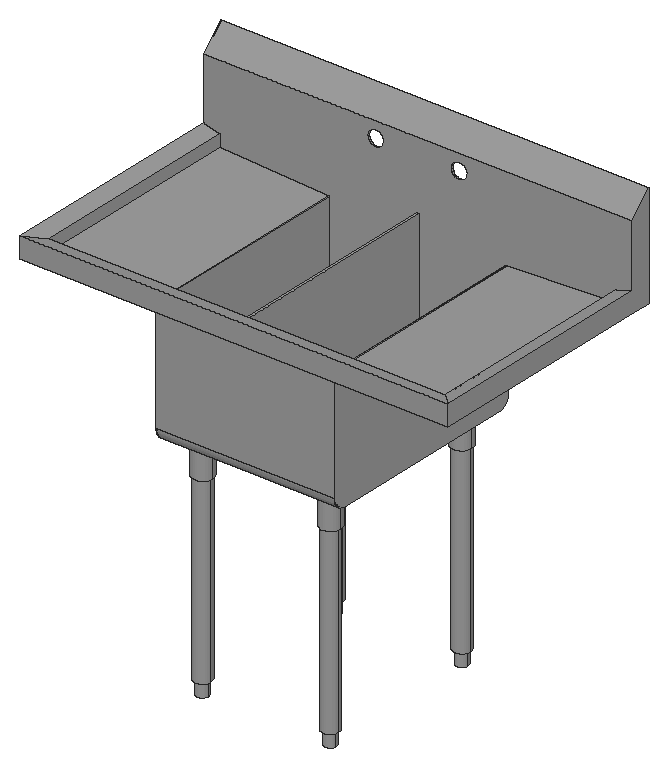
Revit family "equip-sink-elkay-Sturdibilt-DBL-DB-B", category Plumbing Fixtures, Revit 2019
Family settings
  Round Connector Dimension = Use Diameter
  Part Type = Normal
  Work Plane-Based = No
  Always vertical = Yes
  Cut with Voids When Loaded = No
  Shared = No
  Room Calculation Point = No
Parameters (values of type "ByType")
  Width = 2' - 0"
  URL = "http://www.elkayusa.com/cps/rde/xchg/elkay/hs.xsl/Default.aspx"
  Specification URL = "http://www.elkayusa.com/cps/rde/xbcr/elkay/04-03F_STURDIBILT_SCULLERY_DOUBLE.pdf "
  Model Number = " "
  Model = "Sturdibilt"
  Manufacturer = "Elkay Manufacturer"
  Length = 3' - 0"
  Hidden Width = if(Compartment Width > 0' 11", Width, (Backsplash Width + Sink Rim Front Width + Compartment Width))  # 2' - 0"
  Sink Rim Side Right Width = 0' - 1 1/2"  # constant formula
  Sink Material = Metal - Steel - Stainless - Chrome
  Hidden Drainboard Right = if(Drainboard Right > 0' 2", Drainboard Right, 0' 2")  # 1' - 0"
  Hidden Drainboard Left = if(Drainboard Left > 0' 2", Drainboard Left, 0' 2")  # 1' - 0"
  Hidden Compartment Width = Width - Sink Rim Front Width - Backsplash Width  # 1' - 8 1/2"
  Hidden Compartment Length = (Length - Drainboard Left - Drainboard Right) / 2  # 0' - 6"
  Drainboard Left = 1' - 0"
  Sink Rim Side Left Width = 0' - 1 1/2"  # constant formula
  Description = "Sturdibilt Double Compartment Scullery Sinks, drainboard both sides"
  Compartment Length = if(Hidden Compartment Length > 0' 8 1/2", Hidden Compartment Length, 0' 8 1/2")  # 0' - 8 1/2"
  Hidden Length = if(Compartment Length > 0' 8 1/2", Length, (Drainboard Right + Drainboard Left + (Compartment Length * 2)))  # 3' - 5"
  Drainboard Right = 1' - 0"
  Sink Rim Front Width = 0' - 1 1/2"  # constant formula
  Backsplash Width = 0' - 2"  # constant formula
  Sink Drain Location = Compartment Width / 2  # 0' - 10 1/4"
  Compartment Depth = 1' - 2"
  Compartment Width = if(Hidden Compartment Width > 0' 11", Hidden Compartment Width, 0' 11")  # 1' - 8 1/2"
  Rim Height = 3' - 0"
  Hole 1 to 2 = 0' - 8"
  Hole 1 From CL = 0' - 4"
  Faucet CL from Top Backsplash = 0' - 3 1/2"
  Backsplash Height = 0' - 8"
Reference planes (in)
  plane 1 "CL Sink Hole": y = 0
  plane 2 "Bottom": z = 0
  plane 3 "Compartment Center": x = 0
  plane 4 "Basin Edge Left": x = -8.5
  plane 5 "Basin Edge Right": x = 8.5
  plane 6 "Basin Edge Back": y = 10.25
  plane 7 "Basin Edge Front": y = -10.25
  plane 8 "Left": x = -20.5
  plane 9 "Right": x = 20.5
  plane 10 "Back": y = 12.25
  plane 11 "Front": y = -11.75
  plane 12 "Sink Bowl Bottom (Top Face)": z = 22
  plane 13 "Sink Bowl Bottom (Bottom Face)": z = 21.875
  plane 14 "Sink Bottom Piece Back Edge": y = 9.25
  plane 15 "Sink Bottom Piece Front Edge": y = -9.25
  plane 16 "Center (Front/Back)": y = 0
  plane 17 "Sink Rim Top": z = 36
  plane 18 "Sink Bowl Bottom Radius Top Tangent": z = 23
  plane 19 "Sink Rim Inside Lower Edge": z = 35.59808
  plane 20: z = 44
  plane 21 "Backsplash Angle": z = 42
  plane 22 "Backsplash Side Piece Front": y = 10.375
  plane 23 "Backsplash Side Piece Top": z = 43.82322
  plane 24 "Backsplash Side Piece Angle": z = 41.94822
  plane 25 "Backsplash Side Piece Bottom": z = 34
  plane 26 "Backsplash Side Right Piece Inside Edge": x = 20.4375
  plane 27 "Backsplash Side Left Piece Inside Edge": x = -20.4375
  plane 28 "Basin Edge Right Outside Face": x = 8.5625
  plane 29 "Basin Edge Left Outside Face": x = -8.5625
  plane 30 "Faucet Hole CL Elev": z = 40.5
  plane 31 "CL Faucet Hole Left": x = -4
  plane 32 "CL Faucet Hole Right": x = 4
  plane 33 "Leg Left CL": x = -6.125
  plane 34 "Leg Front CL": y = -7.875
  plane 35: z = 18.825
  plane 36: z = 1.3125
  plane 37 "Leg Right CL": x = 6.125
  plane 38 "Leg Back CL": y = 7.875
  plane 39 "Sink Rim Inside Edge Right": x = 19
  plane 40 "Drainboard Lower Top Face": z = 34
  plane 41 "Drainboard Upper Top Face": z = 34.5
  plane 42: x = -19
  plane 43 "Partition Edge Left": x = -0.075
  plane 44 "Partition Edge Right": x = 0.075
  plane 45 "Sink Drain Left CL": x = -4.25
  plane 46 "Sink Drain Right CL": x = 4.25
  plane 47 "Partition Top": z = 35.47
  plane 48 "Center (Left/Right)": x = 0
  plane 49 "Basin Edge Front Outside": y = -10.375
  plane 50 "Basin Edge Back Outside": y = 10.375
Forms (in)
  Sweep 1, solid, material "Metal - Steel - Stainless - Chrome" <- "Sink Material"
    path origin (0, 0, 36) x (0, -1, 0) y (1, 0, 0)
      loop
        line (11.75, 8.5) -> (11.75, -8.5)
    profile "profile-weldbilt-rim : profile-weldbilt-rim" origin (0, -11.75, 36) x (0, -1, 0) y (0, 0, 1)
      loop
        line (-1.5, -0.40192) -> (-1.41389, -0.45164) -> (-0.07031, -0.09163) -> (-0.07031, -1.94605) -> (-0.42259, -2.04044) -> (-0.42259, -2.11323) -> (0, -2) -> (0, 0) -> (-1.5, -0.40192)
  Extrusion 2, solid, material "Metal - Steel - Stainless - Chrome" <- "Sink Material"
    sketch origin (0, 0, 0) x (0, 1, 0) y (0, 0, 1)
      loop
        line (-10.375, 35.59808) -> (-10.375, 23)
        arc (-10.375, 23) -> (-10.0455, 22.2045) -> (-9.25, 21.875) r 1.125
        line (-9.25, 21.875) -> (9.25, 21.875)
        arc (9.25, 21.875) -> (10.0455, 22.2045) -> (10.375, 23) r 1.125
        line (10.375, 23) -> (10.375, 34) -> (10.25, 34) -> (10.25, 23)
        arc (10.25, 23) -> (9.95711, 22.29289) -> (9.25, 22) r 1
        line (9.25, 22) -> (-9.25, 22)
        arc (-9.25, 22) -> (-9.95711, 22.29289) -> (-10.25, 23) r 1
        line (-10.25, 23) -> (-10.25, 35.59808) -> (-10.375, 35.59808)
    from -8.5 to 8.5
  Extrusion 3, solid, material "Metal - Steel - Stainless - Chrome" <- "Sink Material"
    sketch origin (0, 0, 0) x (0, 1, 0) y (0, 0, 1)
      loop
        line (10.25, 42) -> (10.25, 34) -> (10.375, 34) -> (10.375, 41.94822) -> (12.25, 43.82322) -> (12.25, 44) -> (10.25, 42)
    from -20.5 to 20.5
  Extrusion 4, solid, material "Metal - Steel - Stainless - Chrome" <- "Sink Material"
    sketch origin (20.5, 0, 0) x (0, 1, 0) y (0, 0, 1)
      loop
        line (12.25, 43.82322) -> (10.375, 41.94822) -> (10.375, 34) -> (12.25, 34) -> (12.25, 43.82322)
    from -0.0625 to 0
  Extrusion 5, solid, material "Metal - Steel - Stainless - Chrome" <- "Sink Material"
    sketch origin (-18, 0, 0) x (0, 1, 0) y (0, 0, 1)
      loop
        line (12.25, 43.82322) -> (10.375, 41.94822) -> (10.375, 34) -> (12.25, 34) -> (12.25, 43.82322)
    from -2.5 to -2.4375
  Extrusion 6, solid, material "Metal - Steel - Stainless - Chrome" <- "Sink Material"
    sketch origin (8.5, 0, 0) x (0, 1, 0) y (0, 0, 1)
      loop
        line (-10.375, 34) -> (-10.375, 23)
        arc (-10.375, 23) -> (-10.0455, 22.2045) -> (-9.25, 21.875) r 1.125
        line (-9.25, 21.875) -> (9.25, 21.875)
        arc (9.25, 21.875) -> (10.0455, 22.2045) -> (10.375, 23) r 1.125
        line (10.375, 23) -> (10.375, 34) -> (-10.375, 34)
    from 0 to 0.0625
  Extrusion 7, solid, material "Metal - Steel - Stainless - Chrome" <- "Sink Material"
    sketch origin (-8.5, 0, 0) x (0, 1, 0) y (0, 0, 1)
      loop
        line (10.375, 34) -> (-10.375, 34) -> (-10.375, 23)
        arc (-10.375, 23) -> (-10.0455, 22.2045) -> (-9.25, 21.875) r 1.125
        line (-9.25, 21.875) -> (9.25, 21.875)
        arc (9.25, 21.875) -> (10.0455, 22.2045) -> (10.375, 23) r 1.125
        line (10.375, 23) -> (10.375, 34)
    from -0.0625 to 0
  Extrusion 8, void
    sketch origin (0, 0, 0) x (1, 0, 0) y (0, 0, 1)
      loop
        circle (-4, 40.5) r 0.75
    from -10.375 to -10.25
  Extrusion 9, void
    sketch origin (0, 0, 0) x (1, 0, 0) y (0, 0, 1)
      loop
        circle (4, 40.5) r 0.75
    from -10.375 to -10.25
  Extrusion 10, void
    sketch origin (-45.27944, 78.60934, 0) x (1, 0, 0) y (0, 1, 0)
      loop
        circle (41.02944, -78.60934) r 2.375
    from 21.875 to 22
  Revolve 11, solid, material "Metal - Steel - Stainless - Chrome" <- "Sink Material"
    sketch origin (0, -7.875, 0) x (-1, 0, 0) y (0, 0, 1)
      loop
        line (6.9375, 18.825) -> (7.095, 18.825) -> (7.095, 21.875) -> (6.125, 21.875) -> (6.125, 0) -> (6.6875, 0) -> (6.6875, 1.3125) -> (6.9375, 1.3125) -> (6.9375, 18.825)
      axis (6.125, 21.875) -> (6.125, 0)
    angle from 0 to 360
  Revolve 12, solid, material "Metal - Steel - Stainless - Chrome" <- "Sink Material"
    sketch origin (0, -7.875, 0) x (-1, 0, 0) y (0, 0, 1)
      loop
        line (-6.9375, 18.825) -> (-6.9375, 1.3125) -> (-6.6875, 1.3125) -> (-6.6875, 0) -> (-6.125, 0) -> (-6.125, 21.875) -> (-7.095, 21.875) -> (-7.095, 18.825) -> (-6.9375, 18.825)
      axis (-6.125, 21.875) -> (-6.125, 0)
    angle from 0 to 360
  Revolve 13, solid, material "Metal - Steel - Stainless - Chrome" <- "Sink Material"
    sketch origin (0, 7.875, 0) x (-1, 0, 0) y (0, 0, 1)
      loop
        line (-6.9375, 18.825) -> (-6.9375, 1.3125) -> (-6.6875, 1.3125) -> (-6.6875, 0) -> (-6.125, 0) -> (-6.125, 21.875) -> (-7.095, 21.875) -> (-7.095, 18.825) -> (-6.9375, 18.825)
      axis (-6.125, 21.875) -> (-6.125, 0)
    angle from 0 to 360
  Revolve 14, solid, material "Metal - Steel - Stainless - Chrome" <- "Sink Material"
    sketch origin (0, 7.875, 0) x (-1, 0, 0) y (0, 0, 1)
      loop
        line (5.3125, 18.825) -> (5.3125, 1.3125) -> (5.5625, 1.3125) -> (5.5625, 0) -> (6.125, 0) -> (6.125, 21.875) -> (5.155, 21.875) -> (5.155, 18.825) -> (5.3125, 18.825)
      axis (6.125, 21.875) -> (6.125, 0)
    angle from 0 to 360
  Sweep 15, solid, material "Metal - Steel - Stainless - Chrome" <- "Sink Material"
    path origin (0, 0, 22) x (-1, 0, 0) y (0, -1, 0)
      loop
        circle (4.25, 0) r 2.375
    profile "profile-elkay-sink-hole-1 : profile-elkay-sink-hole-1" origin (-4.25, -2.375, 22) x (0, 1, 0) y (0, 0, 1)
      loop
        arc (0.10775, -0.05529) -> (0.06053, -0.01467) -> (0, 0) r 0.133
        line (0, 0) -> (0, -0.07422)
        arc (0, -0.07422) -> (0.0267, -0.08072) -> (0.04752, -0.09865) r 0.05878
        line (0.04752, -0.09865) -> (0.12152, -0.20143) -> (0.5715, -0.40832) -> (0.5715, -0.32577) -> (0.16939, -0.14089) -> (0.10775, -0.05529)
  Extrusion 16, solid, material "Metal - Steel - Stainless - Chrome" <- "Sink Material"
    sketch origin (0, 0, 0) x (1, 0, 0) y (0, 0, 1)
      loop
        line (8.5, 34) -> (8.5, 33.9257) -> (19, 34.4257) -> (19, 34.5) -> (8.5, 34)
    from -10.25 to 10.25
  Sweep 17, solid, material "Metal - Steel - Stainless - Chrome" <- "Sink Material"
    path origin (0, 0, 36) x (0, -1, 0) y (1, 0, 0)
      loop
        line (11.75, 8.5) -> (11.75, 20.5) -> (-10.25, 20.5)
    profile "profile-weldbilt-rim-db : profile-weldbilt-rim-db" origin (14.5, -11.75, 36) x (0, 1, 0) y (0, 0, 1)
      loop
        line (1.5, -0.40192) -> (0, 0) -> (0, -2) -> (0.42259, -2.11323) -> (0.42259, -2.04044) -> (0.07031, -1.94605) -> (0.07031, -0.09163) -> (1.4375, -0.45797) -> (1.4375, -2) -> (1.5, -2) -> (1.5, -0.40192)
  Extrusion 18, solid, material "Metal - Steel - Stainless - Chrome" <- "Sink Material"
    sketch origin (0, 0, 0) x (1, 0, 0) y (0, 0, 1)
      loop
        line (-19, 34.5) -> (-19, 34.4257) -> (-8.5, 33.9257) -> (-8.5, 34) -> (-19, 34.5)
    from -10.25 to 10.25
  Sweep 19, solid, material "Metal - Steel - Stainless - Chrome" <- "Sink Material"
    path origin (0, 0, 36) x (0, -1, 0) y (1, 0, 0)
      loop
        line (-10.25, -20.5) -> (11.75, -20.5) -> (11.75, -8.5)
    profile "profile-weldbilt-rim-db : profile-weldbilt-rim-db" origin (-20.5, -0.75, 36) x (1, 0, 0) y (0, 0, 1)
      loop
        line (1.5, -0.40192) -> (0, 0) -> (0, -2) -> (0.42259, -2.11323) -> (0.42259, -2.04044) -> (0.07031, -1.94605) -> (0.07031, -0.09163) -> (1.4375, -0.45797) -> (1.4375, -2) -> (1.5, -2) -> (1.5, -0.40192)
  Extrusion 20, void
    sketch origin (0, 0, 0) x (1, 0, 0) y (0, 1, 0)
      loop
        circle (4.25, 0) r 2.375
    from 21.875 to 22
  Sweep 21, solid, material "Metal - Steel - Stainless - Chrome" <- "Sink Material"
    path origin (0, 0, 22) x (-1, 0, 0) y (0, -1, 0)
      loop
        circle (-4.25, 0) r 2.375
    profile "profile-elkay-sink-hole-1 : profile-elkay-sink-hole-1" origin (4.25, -2.375, 22) x (0, 1, 0) y (0, 0, 1)
      loop
        arc (0.10775, -0.05529) -> (0.06053, -0.01467) -> (0, 0) r 0.133
        line (0, 0) -> (0, -0.07422)
        arc (0, -0.07422) -> (0.0267, -0.08072) -> (0.04752, -0.09865) r 0.05878
        line (0.04752, -0.09865) -> (0.12152, -0.20143) -> (0.5715, -0.40832) -> (0.5715, -0.32577) -> (0.16939, -0.14089) -> (0.10775, -0.05529)
  Extrusion 22, solid, material "Metal - Steel - Stainless - Chrome" <- "Sink Material"
    sketch origin (0, 0, 0) x (0, 1, 0) y (0, 0, 1)
      loop
        line (-10.25, 35.47) -> (-10.25, 23)
        arc (-10.25, 23) -> (-9.95711, 22.29289) -> (-9.25, 22) r 1
        line (-9.25, 22) -> (9.25, 22)
        arc (9.25, 22) -> (9.95711, 22.29289) -> (10.25, 23) r 1
        line (10.25, 23) -> (10.25, 35.47) -> (-10.25, 35.47)
    from -0.075 to 0.075
Cuts and joins
  Extrusion 10, Extrusion 20 cuts Extrusion 2
  Extrusion 8, Extrusion 9 cuts Extrusion 3
  Extrusion 10 cuts Extrusion 6
  joined: Sweep 1, Extrusion 2, Extrusion 3, Extrusion 4, Extrusion 5, Extrusion 6, Extrusion 7, Sweep 15, Sweep 17, Sweep 19, Sweep 21
Lines and regions (in)
  Masking region 1
    outline origin (0, 0, 0) x (1, 0, 0) y (0, 1, 0)
      loop
        line (-20.5, 12.25) -> (-20.5, -11.75) -> (20.5, -11.75) -> (20.5, 12.25) -> (-20.5, 12.25)
  reference lines
    curve 1: arc (0, -9.25, 22) -> (0, -9.95711, 22.29289) -> (0, -10.25, 23) r 1
    curve 2: arc (0, 10.25, 23) -> (0, 9.95711, 22.29289) -> (0, 9.25, 22) r 1
    curve 3: line (-6.125, -7.875, 21.875) -> (-6.125, -7.875, 0)
    curve 4: line (6.125, -7.875, 22) -> (6.125, -7.875, 0)
    curve 5: line (6.125, 7.875, 21.875) -> (6.125, 7.875, 0)
    curve 6: line (-6.125, 7.875, 21.875) -> (-6.125, 7.875, 0)
    curve 13: line (8.5, 0, 34) -> (19, 0, 34.5)
    curve 14: line (8.50165, 0, 33.92578) -> (19.00165, 0, 34.42578)
    curve 15: line (-8.5, 0, 34) -> (-19, 0, 34.5)
    curve 16: line (-8.50165, 0, 33.92578) -> (-19.00165, 0, 34.42578)
    curve 26: arc (0, -10.375, 23) -> (0, -10.0455, 22.2045) -> (0, -9.25, 21.875) r 1.125
    curve 27: arc (0, 10.375, 23) -> (0, 10.0455, 22.2045) -> (0, 9.25, 21.875) r 1.125
  symbolic lines
    curve 7: line (-20.5, 10.25, 0) -> (20.5, 10.25, 0)
    curve 8: line (-8.5, -10.25, 0) -> (-8.5, 10.25, 0)
    curve 9: line (19, -10.25, 0) -> (-19, -10.25, 0)
    curve 10: line (8.5, 10.25, 0) -> (8.5, -10.25, 0)
    curve 11: line (-19, -10.25, 0) -> (-20.5, -11.75, 0)
    curve 12: line (20.5, -11.75, 0) -> (19, -10.25, 0)
    curve 17: line (-19, 10.25, 0) -> (-19, -10.25, 0)
    curve 18: line (19, 10.25, 0) -> (19, -10.25, 0)
    curve 19: circle (-4.25, 0, 0) r 2.375 normal (0, 0, 1)
    curve 20: circle (-4.25, 0, 0) r 1.75 normal (0, 0, 1)
    curve 21: circle (4.25, 0, 0) r 2.375 normal (0, 0, 1)
    curve 22: circle (4.25, 0, 0) r 1.75 normal (0, 0, 1)
    curve 23: line (-0.075, -10.25, 0) -> (-0.075, 10.25, 0)
    curve 24: line (0.075, 10.25, 0) -> (0.075, -10.25, 0)
    curve 25: line (0, 12.25, 44) -> (0, 10.25, 42)
Dimensions and locks (in)
  equal spacing: plane 4 "Basin Edge Left", plane 3 "Compartment Center", plane 5 "Basin Edge Right"
  "Hidden Drainboard Left": plane 8 "Left" to plane 4 "Basin Edge Left"
  "Hidden Drainboard Right": plane 5 "Basin Edge Right" to plane 9 "Right"
  "Hidden Length": plane 8 "Left" to plane 9 "Right"
  "Sink Drain Location": plane 6 "Basin Edge Back" to plane 1 "CL Sink Hole"
  "Backsplash Width": plane 10 "Back" to plane 6 "Basin Edge Back"
  "Sink Rim Front Width": plane 7 "Basin Edge Front" to plane 11 "Front"
  "Hidden Width": plane 10 "Back" to plane 11 "Front"
  locked: plane 15 "Sink Bottom Piece Front Edge" to plane 7 "Basin Edge Front" at 1
  locked: plane 6 "Basin Edge Back" to plane 14 "Sink Bottom Piece Back Edge" at 1
  plane 6 "Basin Edge Back" to plane 7 "Basin Edge Front" = 1' - 8 1/2"
  equal spacing: plane 6 "Basin Edge Back", plane 16 "Center (Front/Back)", plane 7 "Basin Edge Front"
  "Compartment Depth": plane 17 "Sink Rim Top" to plane 12 "Sink Bowl Bottom (Top Face)"
  "Rim Height": plane 17 "Sink Rim Top" to plane 2 "Bottom"
  locked: plane 18 "Sink Bowl Bottom Radius Top Tangent" to plane 12 "Sink Bowl Bottom (Top Face)" at 1
  locked: plane 17 "Sink Rim Top" to plane 19 "Sink Rim Inside Lower Edge" at 0.40192
  "Backsplash Height": plane 20 to plane 17 "Sink Rim Top"
  locked: plane 20 to plane 21 "Backsplash Angle" at 2
  locked: plane 20 to plane 23 "Backsplash Side Piece Top" at 0.17678
  locked: plane 6 "Basin Edge Back" to plane 22 "Backsplash Side Piece Front" at 0.125
  locked: plane 21 "Backsplash Angle" to plane 24 "Backsplash Side Piece Angle" at 0.05178
  locked: plane 26 "Backsplash Side Right Piece Inside Edge" to plane 9 "Right" at 0.0625
  locked: plane 8 "Left" to plane 27 "Backsplash Side Left Piece Inside Edge" at 0.0625
  locked: plane 5 "Basin Edge Right" to plane 28 "Basin Edge Right Outside Face" at 0.0625
  plane 29 "Basin Edge Left Outside Face" to plane 4 "Basin Edge Left" = 0' - 0 1/16"
  locked: plane 17 "Sink Rim Top" to plane 25 "Backsplash Side Piece Bottom" at 2
  locked: plane 34 "Leg Front CL" to plane 7 "Basin Edge Front" at 2.375
  locked: plane 4 "Basin Edge Left" to plane 33 "Leg Left CL" at 2.375
  "Hole 1 From CL": plane 31 "CL Faucet Hole Left" to plane 3 "Compartment Center"
  "Hole 1 to 2": plane 31 "CL Faucet Hole Left" to plane 32 "CL Faucet Hole Right"
  locked: plane 12 "Sink Bowl Bottom (Top Face)" to plane 13 "Sink Bowl Bottom (Bottom Face)" at 0.125
  locked: plane 12 "Sink Bowl Bottom (Top Face)" to plane 35 at 3.175
  locked: plane 36 to plane 2 "Bottom" at 1.3125
  "Faucet CL from Top Backsplash": plane 20 to plane 30 "Faucet Hole CL Elev"
  locked: plane 37 "Leg Right CL" to plane 5 "Basin Edge Right" at 2.375
  locked: plane 6 "Basin Edge Back" to plane 38 "Leg Back CL" at 2.375
  "Sink Rim Side Right Width": plane 39 "Sink Rim Inside Edge Right" to plane 9 "Right"
  locked: plane 17 "Sink Rim Top" to plane 41 "Drainboard Upper Top Face" at 1.5
  locked: plane 17 "Sink Rim Top" to plane 40 "Drainboard Lower Top Face" at 2
  "Sink Rim Side Left Width": plane 8 "Left" to plane 42
  equal spacing: plane 43 "Partition Edge Left", plane 3 "Compartment Center", plane 44 "Partition Edge Right"
  locked: plane 43 "Partition Edge Left" to plane 44 "Partition Edge Right" at 0.15
  equal spacing: plane 4 "Basin Edge Left", plane 45 "Sink Drain Left CL", plane 3 "Compartment Center"
  equal spacing: plane 3 "Compartment Center", plane 46 "Sink Drain Right CL", plane 5 "Basin Edge Right"
  locked: plane 17 "Sink Rim Top" to plane 47 "Partition Top" at 0.53
  equal spacing: plane 8 "Left", plane 48 "Center (Left/Right)", plane 9 "Right"
  locked: plane 49 "Basin Edge Front Outside" to plane 7 "Basin Edge Front" at 0.125
  locked: plane 6 "Basin Edge Back" to plane 50 "Basin Edge Back Outside" at 0.125
  locked: nested 1 to plane 9 "Right" at 4
  locked: plane 10 "Back" to nested 1 at 1
  aligned and locked: Extrusion 2 sketch curve to plane 6 "Basin Edge Back"
  aligned and locked: Extrusion 2 sketch curve to curve 2
  aligned and locked: Extrusion 2 sketch curve to curve 1
  aligned and locked: plane 5 "Basin Edge Right" to Extrusion 2
  aligned and locked: Extrusion 2 to plane 4 "Basin Edge Left"
  aligned and locked: Extrusion 2 sketch curve to plane 19 "Sink Rim Inside Lower Edge"
  aligned and locked: Extrusion 3 sketch curve to plane 10 "Back"
  aligned and locked: Extrusion 3 sketch curve to plane 6 "Basin Edge Back"
  aligned and locked: plane 9 "Right" to Extrusion 3
  aligned and locked: Extrusion 3 to plane 8 "Left"
  aligned and locked: plane 10 "Back" to Extrusion 4 sketch curve
  aligned and locked: Extrusion 4 sketch curve to plane 25 "Backsplash Side Piece Bottom"
  aligned and locked: Extrusion 4 sketch curve to plane 22 "Backsplash Side Piece Front"
  aligned and locked: Extrusion 4 to plane 26 "Backsplash Side Right Piece Inside Edge"
  aligned and locked: plane 9 "Right" to Extrusion 4
  aligned and locked: Extrusion 5 sketch curve to plane 10 "Back"
  aligned and locked: plane 22 "Backsplash Side Piece Front" to Extrusion 5 sketch curve
  aligned and locked: plane 25 "Backsplash Side Piece Bottom" to Extrusion 5 sketch curve
  aligned and locked: plane 27 "Backsplash Side Left Piece Inside Edge" to Extrusion 5
  aligned and locked: Extrusion 5 to plane 8 "Left"
  aligned and locked: Extrusion 6 to plane 5 "Basin Edge Right"
  aligned and locked: plane 28 "Basin Edge Right Outside Face" to Extrusion 6
  aligned and locked: Extrusion 7 to plane 29 "Basin Edge Left Outside Face"
  aligned and locked: plane 4 "Basin Edge Left" to Extrusion 7
  aligned and locked: plane 22 "Backsplash Side Piece Front" to Extrusion 9
  aligned and locked: Extrusion 9 to plane 6 "Basin Edge Back"
  aligned and locked: plane 22 "Backsplash Side Piece Front" to Extrusion 8
  aligned: Extrusion 8 to plane 14 "Sink Bottom Piece Back Edge"
  aligned and locked: Extrusion 8 to plane 6 "Basin Edge Back"
  aligned and locked: plane 12 "Sink Bowl Bottom (Top Face)" to Extrusion 10
  aligned and locked: Extrusion 10 to plane 13 "Sink Bowl Bottom (Bottom Face)"
  aligned and locked: Revolve 11 sketch curve to plane 13 "Sink Bowl Bottom (Bottom Face)"
  aligned and locked: Revolve 11 sketch curve to curve 3
  aligned and locked: curve 4 to plane 37 "Leg Right CL"
  aligned and locked: plane 12 "Sink Bowl Bottom (Top Face)" to curve 4
  aligned and locked: plane 2 "Bottom" to curve 4
  aligned and locked: Revolve 12 sketch curve to plane 36
  aligned and locked: Revolve 12 sketch curve to plane 35
  aligned and locked: plane 2 "Bottom" to Revolve 12 sketch curve  (x3)
  aligned and locked: plane 13 "Sink Bowl Bottom (Bottom Face)" to Revolve 12 sketch curve  (x2)
  aligned and locked: curve 4 to Revolve 12 sketch curve  (x2)
  aligned and locked: Revolve 13 sketch curve to plane 2 "Bottom"
  aligned and locked: plane 36 to Revolve 13 sketch curve
  aligned and locked: plane 35 to Revolve 13 sketch curve
  aligned and locked: Revolve 13 sketch curve to plane 13 "Sink Bowl Bottom (Bottom Face)"
  aligned and locked: plane 37 "Leg Right CL" to Revolve 13 sketch curve
  aligned and locked: Revolve 13 sketch curve to curve 5
  aligned and locked: Revolve 14 sketch curve to plane 2 "Bottom"
  aligned and locked: plane 36 to Revolve 14 sketch curve
  aligned and locked: plane 35 to Revolve 14 sketch curve
  aligned and locked: Revolve 14 sketch curve to plane 13 "Sink Bowl Bottom (Bottom Face)"
  aligned and locked: plane 33 "Leg Left CL" to Revolve 14 sketch curve
  aligned and locked: plane 2 "Bottom" to Revolve 14 sketch curve
  aligned and locked: Revolve 14 sketch curve to plane 33 "Leg Left CL"
  aligned and locked: Masking region 1 sketch curve to plane 10 "Back"
  aligned and locked: plane 8 "Left" to Masking region 1 sketch curve
  aligned and locked: Masking region 1 sketch curve to plane 9 "Right"
  aligned and locked: plane 11 "Front" to Masking region 1 sketch curve
  aligned and locked: plane 7 "Basin Edge Front" to curve 9
  aligned and locked: plane 4 "Basin Edge Left" to curve 8
  aligned and locked: curve 7 to plane 6 "Basin Edge Back"
  aligned and locked: plane 8 "Left" to curve 7
  aligned and locked: plane 9 "Right" to curve 7
  aligned and locked: Extrusion 6 sketch curve to plane 40 "Drainboard Lower Top Face"
  aligned and locked: Extrusion 16 sketch curve to curve 13
  aligned and locked: plane 5 "Basin Edge Right" to Extrusion 16 sketch curve
  aligned and locked: Extrusion 16 sketch curve to plane 39 "Sink Rim Inside Edge Right"
  aligned and locked: Extrusion 16 sketch curve to curve 14
  aligned and locked: plane 6 "Basin Edge Back" to Extrusion 16
  aligned and locked: Extrusion 16 to plane 7 "Basin Edge Front"
  aligned and locked: Extrusion 2 sketch curve to plane 40 "Drainboard Lower Top Face"
  aligned and locked: Extrusion 3 sketch curve to plane 40 "Drainboard Lower Top Face"
  aligned and locked: plane 5 "Basin Edge Right" to Sweep 1 sketch curve
  aligned and locked: Sweep 17 sketch curve to plane 11 "Front"
  aligned and locked: plane 9 "Right" to Sweep 17 sketch curve
  aligned and locked: plane 5 "Basin Edge Right" to Sweep 17 sketch curve
  aligned and locked: plane 6 "Basin Edge Back" to Sweep 17 sketch curve
  aligned and locked: Extrusion 7 sketch curve to plane 40 "Drainboard Lower Top Face"
  aligned and locked: plane 42 to Extrusion 18 sketch curve
  aligned and locked: Extrusion 18 sketch curve to plane 4 "Basin Edge Left"
  aligned and locked: Extrusion 18 sketch curve to curve 15
  aligned and locked: Extrusion 18 sketch curve to curve 16
  aligned and locked: plane 6 "Basin Edge Back" to Extrusion 18
  aligned and locked: Extrusion 18 to plane 7 "Basin Edge Front"
  aligned and locked: plane 4 "Basin Edge Left" to Sweep 1 sketch curve
  aligned and locked: Sweep 19 sketch curve to plane 11 "Front"
  aligned and locked: Sweep 19 sketch curve to plane 8 "Left"
  aligned and locked: plane 6 "Basin Edge Back" to Sweep 19 sketch curve
  aligned and locked: plane 4 "Basin Edge Left" to Sweep 19 sketch curve
  aligned and locked: plane 12 "Sink Bowl Bottom (Top Face)" to Extrusion 20
  aligned and locked: Extrusion 20 to plane 13 "Sink Bowl Bottom (Bottom Face)"
  aligned and locked: Extrusion 22 sketch curve to plane 47 "Partition Top"
  aligned and locked: Extrusion 22 sketch curve to plane 6 "Basin Edge Back"
  aligned and locked: Extrusion 22 sketch curve to curve 1
  aligned and locked: Extrusion 22 sketch curve to curve 2
  aligned and locked: Extrusion 22 to plane 43 "Partition Edge Left"
  aligned and locked: plane 44 "Partition Edge Right" to Extrusion 22
  aligned and locked: Extrusion 6 sketch curve to plane 50 "Basin Edge Back Outside"
  aligned and locked: Extrusion 6 sketch curve to plane 49 "Basin Edge Front Outside"
  aligned and locked: Extrusion 6 sketch curve to curve 26
  aligned and locked: Extrusion 6 sketch curve to curve 27
  aligned and locked: Extrusion 7 sketch curve to plane 49 "Basin Edge Front Outside"
  aligned and locked: Extrusion 7 sketch curve to plane 50 "Basin Edge Back Outside"
  aligned and locked: Extrusion 7 sketch curve to curve 27
  aligned and locked: Extrusion 7 sketch curve to curve 26
Automatic sketch dimensions
  Extrusion 2 sketch curve to Extrusion 2 sketch curve = 0' - 0"  (x4)
  Extrusion 2 sketch curve to plane 22 "Backsplash Side Piece Front" = 0' - 0"
  Extrusion 3 sketch curve to plane 22 "Backsplash Side Piece Front" = 0' - 0"
  Extrusion 3 sketch curve to plane 24 "Backsplash Side Piece Angle" = 0' - 0"
  Extrusion 3 sketch curve to plane 21 "Backsplash Angle" = 0' - 0"
  Extrusion 3 sketch curve to plane 23 "Backsplash Side Piece Top" = 0' - 0"
  Extrusion 3 sketch curve to plane 20 = 0' - 0"
  Extrusion 4 sketch curve to plane 24 "Backsplash Side Piece Angle" = 0' - 0"
  Extrusion 4 sketch curve to plane 23 "Backsplash Side Piece Top" = 0' - 0"
  Extrusion 5 sketch curve to plane 24 "Backsplash Side Piece Angle" = 0' - 0"
  Extrusion 5 sketch curve to plane 23 "Backsplash Side Piece Top" = 0' - 0"
  Extrusion 8 sketch curve to plane 30 "Faucet Hole CL Elev" = 0' - 0"
  Extrusion 8 sketch curve to plane 31 "CL Faucet Hole Left" = 0' - 0"
  Extrusion 9 sketch curve to plane 30 "Faucet Hole CL Elev" = 0' - 0"
  Extrusion 9 sketch curve to plane 32 "CL Faucet Hole Right" = 0' - 0"
  curve 3 to level = 0' - 0"
  curve 3 to plane 33 "Leg Left CL" = 0' - 0"
  curve 3 to plane 13 "Sink Bowl Bottom (Bottom Face)" = 0' - 0"
  Revolve 11 sketch curve to plane 33 "Leg Left CL" = 0' - 0"
  Revolve 11 sketch curve to level = 0' - 0"  (x2)
  Revolve 11 sketch curve to plane 36 = 0' - 0"
  Revolve 11 sketch curve to plane 35 = 0' - 0"
  Revolve 11 sketch curve to plane 13 "Sink Bowl Bottom (Bottom Face)" = 0' - 0"
  Revolve 11 sketch curve to Revolve 11 sketch curve = 0' - 0 9/16"
  Revolve 11 sketch curve to Revolve 11 sketch curve = 0' - 0 1/4"
  Revolve 11 sketch curve to Revolve 11 sketch curve = 0' - 0.1575"
  plane 37 "Leg Right CL" to Revolve 12 sketch curve = 0' - 0 9/16"
  plane 37 "Leg Right CL" to Revolve 12 sketch curve = 0' - 0 13/16"
  Revolve 12 sketch curve to Revolve 12 sketch curve = 0' - 0.1575"
  curve 5 to level = 0' - 0"
  curve 5 to plane 37 "Leg Right CL" = 0' - 0"
  curve 5 to plane 13 "Sink Bowl Bottom (Bottom Face)" = 0' - 0"
  Revolve 13 sketch curve to level = 0' - 0"
  Revolve 13 sketch curve to plane 13 "Sink Bowl Bottom (Bottom Face)" = 0' - 0"
  plane 37 "Leg Right CL" to Revolve 13 sketch curve = 0' - 0 9/16"
  Revolve 13 sketch curve to Revolve 13 sketch curve = 0' - 0 1/4"
  Revolve 13 sketch curve to Revolve 13 sketch curve = 0' - 0.97"
  Revolve 14 sketch curve to plane 13 "Sink Bowl Bottom (Bottom Face)" = 0' - 0"
  plane 33 "Leg Left CL" to Revolve 14 sketch curve = 0' - 0 9/16"
  Revolve 14 sketch curve to Revolve 14 sketch curve = 0' - 0 1/4"
  Revolve 14 sketch curve to Revolve 14 sketch curve = 0' - 0.97"
  curve 6 to level = 0' - 0"
  curve 6 to plane 33 "Leg Left CL" = 0' - 0"
  curve 6 to plane 13 "Sink Bowl Bottom (Bottom Face)" = 0' - 0"
  curve 13 to plane 39 "Sink Rim Inside Edge Right" = 0' - 0"
  curve 13 to plane 5 "Basin Edge Right" = 0' - 0"
  curve 13 to plane 25 "Backsplash Side Piece Bottom" = 0' - 0"
  curve 13 to plane 41 "Drainboard Upper Top Face" = 0' - 0"
  plane 39 "Sink Rim Inside Edge Right" to curve 14 = 0' - 0.00165"
  plane 5 "Basin Edge Right" to curve 14 = 0' - 0.00165"
  Sweep 1 sketch curve to plane 11 "Front" = 0' - 0"
  curve 15 to plane 4 "Basin Edge Left" = 0' - 0"
  curve 15 to plane 41 "Drainboard Upper Top Face" = 0' - 0"
  curve 15 to plane 42 = 0' - 0"
  curve 15 to plane 25 "Backsplash Side Piece Bottom" = 0' - 0"
  curve 16 to plane 4 "Basin Edge Left" = 0' - 0.00165"
  curve 16 to plane 42 = 0' - 0.00165"
  plane 1 "CL Sink Hole" to Sweep 15 sketch curve = 0' - 0"
  Sweep 15 sketch curve to plane 45 "Sink Drain Left CL" = 0' - 0"
  plane 1 "CL Sink Hole" to Extrusion 10 sketch curve = 0' - 0"
  Extrusion 10 sketch curve to plane 45 "Sink Drain Left CL" = 0' - 0"
  plane 1 "CL Sink Hole" to Extrusion 20 sketch curve = 0' - 0"
  Extrusion 20 sketch curve to plane 46 "Sink Drain Right CL" = 0' - 0"
  plane 1 "CL Sink Hole" to Sweep 21 sketch curve = 0' - 0"
  Sweep 21 sketch curve to plane 46 "Sink Drain Right CL" = 0' - 0"
  curve 19 to curve 20 = 0' - 0"  (x2)
  curve 21 to curve 22 = 0' - 0"  (x2)
  curve 11 to plane 8 "Left" = 0' - 0"
  curve 17 to plane 42 = 0' - 0"
  plane 1 "CL Sink Hole" to curve 20 = 0' - 0"
  curve 20 to plane 45 "Sink Drain Left CL" = 0' - 0"
  curve 23 to plane 43 "Partition Edge Left" = 0' - 0"
  curve 24 to plane 44 "Partition Edge Right" = 0' - 0"
  plane 1 "CL Sink Hole" to curve 21 = 0' - 0"
  curve 21 to plane 46 "Sink Drain Right CL" = 0' - 0"
  curve 10 to plane 5 "Basin Edge Right" = 0' - 0"
  curve 18 to plane 39 "Sink Rim Inside Edge Right" = 0' - 0"
  curve 12 to plane 9 "Right" = 0' - 0"
  curve 12 to plane 11 "Front" = 0' - 0"
  curve 11 to plane 11 "Front" = 0' - 0"
  curve 25 to plane 6 "Basin Edge Back" = 0' - 0"
  curve 25 to plane 10 "Back" = 0' - 0"
  curve 25 to plane 21 "Backsplash Angle" = 0' - 0"
  curve 25 to plane 20 = 0' - 0"
  curve 1 to curve 26 = 0' - 0"  (x2)
  curve 2 to curve 27 = 0' - 0"  (x2)
  curve 26 to plane 18 "Sink Bowl Bottom Radius Top Tangent" = 0' - 0"
  curve 26 to plane 49 "Basin Edge Front Outside" = 0' - 0"
  curve 1 to plane 7 "Basin Edge Front" = 0' - 0"
  curve 26 to plane 13 "Sink Bowl Bottom (Bottom Face)" = 0' - 0"
  curve 27 to plane 13 "Sink Bowl Bottom (Bottom Face)" = 0' - 0"
  curve 27 to plane 14 "Sink Bottom Piece Back Edge" = 0' - 0"
  curve 2 to plane 6 "Basin Edge Back" = 0' - 0"
  curve 27 to plane 18 "Sink Bowl Bottom Radius Top Tangent" = 0' - 0"
  curve 14 to plane 25 "Backsplash Side Piece Bottom" = 0' - 0 19/256"
  curve 14 to plane 41 "Drainboard Upper Top Face" = 0' - 0 19/256"
  curve 16 to plane 25 "Backsplash Side Piece Bottom" = 0' - 0 19/256"
  curve 16 to plane 41 "Drainboard Upper Top Face" = 0' - 0 19/256"
  radius of Extrusion 8 sketch curve = 0' - 0 3/4"
  radius of Extrusion 9 sketch curve = 0' - 0 3/4"
  radius of Sweep 15 sketch curve = 0' - 2 3/8"
  radius of Extrusion 10 sketch curve = 0' - 2 3/8"
  radius of Extrusion 20 sketch curve = 0' - 2 3/8"
  radius of Sweep 21 sketch curve = 0' - 2 3/8"
  radius of curve 19 = 0' - 2 3/8"
  radius of curve 20 = 0' - 1 3/4"
  radius of curve 21 = 0' - 2 3/8"
  radius of curve 22 = 0' - 1 3/4"
Nested families (in)
  nested 1: "logo-elkay-detail" at (16.5, 11.25, 0), type "logo-elkay-detail"
Definition of nested family "logo-elkay-detail"
  Reference planes (in)
    plane 1 "Center (Front/Back)": y = 0
    plane 2: z = 0
    plane 3 "Center (Left/Right)": x = 0
  Lines and regions (in)
    detail lines, in view "Ref. Level"
      curve 1: line (-1.81545, 0.37736, 0) -> (-2.86608, 0.37736, 0)
      curve 2: line (-2.86608, 0.37736, 0) -> (-2.99916, -0.37736, 0)
      curve 3: line (-2.99916, -0.37736, 0) -> (-1.89769, -0.37736, 0)
      curve 4: line (-1.89769, -0.37736, 0) -> (-1.87836, -0.26772, 0)
      curve 5: line (-1.87836, -0.26772, 0) -> (-2.75664, -0.26772, 0)
      curve 6: line (-2.75664, -0.26772, 0) -> (-2.71915, -0.05507, 0)
      curve 7: line (-2.71915, -0.05507, 0) -> (-1.94254, -0.05507, 0)
      curve 8: line (-1.94254, -0.05507, 0) -> (-1.92312, 0.05507, 0)
      curve 9: line (-1.92312, 0.05507, 0) -> (-2.71407, 0.05507, 0)
      curve 10: line (-2.71407, 0.05507, 0) -> (-2.67657, 0.26772, 0)
      curve 11: line (-2.67657, 0.26772, 0) -> (-1.83479, 0.26772, 0)
      curve 12: line (-1.83479, 0.26772, 0) -> (-1.81545, 0.37736, 0)
      curve 13: line (-1.55864, -0.26772, 0) -> (-1.44489, 0.37736, 0)
      curve 14: line (-1.44489, 0.37736, 0) -> (-1.65384, 0.37736, 0)
      curve 15: line (-1.65384, 0.37736, 0) -> (-1.78692, -0.37736, 0)
      curve 16: line (-1.78692, -0.37736, 0) -> (-0.81843, -0.37736, 0)
      curve 17: line (-0.81843, -0.37736, 0) -> (-0.7991, -0.26772, 0)
      curve 18: line (-0.7991, -0.26772, 0) -> (-1.55864, -0.26772, 0)
      curve 19: line (-0.70839, -0.37736, 0) -> (-0.57531, 0.37736, 0)
      curve 20: line (-0.57531, 0.37736, 0) -> (-0.36636, 0.37736, 0)
      curve 21: line (-0.36636, 0.37736, 0) -> (-0.44053, -0.04327, 0)
      curve 22: line (-0.44053, -0.04327, 0) -> (0.30095, 0.37736, 0)
      curve 23: line (0.30095, 0.37736, 0) -> (0.59826, 0.37736, 0)
      curve 24: line (0.59826, 0.37736, 0) -> (0.025, 0.05216, 0)
      curve 25: line (0.025, 0.05216, 0) -> (0.49251, -0.37736, 0)
      curve 26: line (0.49251, -0.37736, 0) -> (0.1672, -0.37736, 0)
      curve 27: line (0.1672, -0.37736, 0) -> (-0.17613, -0.06193, 0)
      curve 28: line (-0.17613, -0.06193, 0) -> (-0.47357, -0.23067, 0)
      curve 29: line (-0.47357, -0.23067, 0) -> (-0.49944, -0.37736, 0)
      curve 30: line (-0.49944, -0.37736, 0) -> (-0.70839, -0.37736, 0)
      curve 31: line (1.55597, -0.12503, 0) -> (1.3377, 0.32386, 0)
      curve 32: line (1.3377, 0.32386, 0) -> (0.94493, -0.12503, 0)
      curve 33: line (0.94493, -0.12503, 0) -> (1.55597, -0.12503, 0)
      curve 34: line (1.55608, 0.37736, 0) -> (1.92307, -0.37736, 0)
      curve 35: line (1.92307, -0.37736, 0) -> (1.67867, -0.37736, 0)
      curve 36: line (1.67867, -0.37736, 0) -> (1.60734, -0.23067, 0)
      curve 37: line (1.60734, -0.23067, 0) -> (0.8525, -0.23067, 0)
      curve 38: line (0.8525, -0.23067, 0) -> (0.72414, -0.37736, 0)
      curve 39: line (0.72414, -0.37736, 0) -> (0.52921, -0.37736, 0)
      curve 40: line (0.52921, -0.37736, 0) -> (1.1896, 0.37736, 0)
      curve 41: line (1.1896, 0.37736, 0) -> (1.55608, 0.37736, 0)
      curve 42: line (1.98079, 0.37736, 0) -> (2.29994, 0.03841, 0)
      curve 43: line (2.29994, 0.03841, 0) -> (2.75395, 0.37736, 0)
      curve 44: line (2.75395, 0.37736, 0) -> (2.99916, 0.37736, 0)
      curve 45: line (2.99916, 0.37736, 0) -> (2.38123, -0.08397, 0)
      curve 46: line (2.38123, -0.08397, 0) -> (2.3295, -0.37736, 0)
      curve 47: line (2.3295, -0.37736, 0) -> (2.10632, -0.37736, 0)
      curve 48: line (2.10632, -0.37736, 0) -> (2.15092, -0.12442, 0)
      curve 49: line (2.15092, -0.12442, 0) -> (1.67845, 0.37736, 0)
      curve 50: line (1.67845, 0.37736, 0) -> (1.98079, 0.37736, 0)
